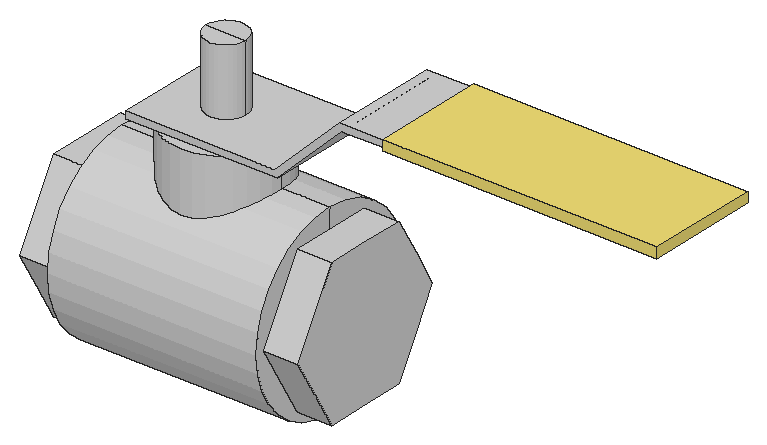
Revit family "xBall_Valve-Full_Port-WATTS-S-FBV-1_Series", category Pipe Accessories, Revit 2021
Family settings
  Round Connector Dimension = Use Diameter
  Part Type = Valve - Breaks Into
  OmniClass Number = 23.65.55.14
  OmniClass Title = Valves for Liquid Services
  Work Plane-Based = No
  Always vertical = Yes
  Cut with Voids When Loaded = No
  Shared = Yes
Parameters (values of type "S-FBV-1 3/4"")
  W2 = 1/4"
  W1 = 7/8"
  W = 1 3/8"
  Max. Working Pressure = "1000psi (69 bar) WOG non-shock; 125psi (8.6 bar) WSP"  # constant formula
  K1 - Stem Diameter = 3/8"
  J - Ball Orifice = Connection Diameter  # 3/4"
  Hex = 1 3/8"
  H - Radius to Handle = 4 1/2"
  Finish- Handle = Plastic-WATTS-Yellow
  E - Center to End = 1 5/16"
  Default Elevation = 0"
  Connection Diameter = 3/4"
  C4 - Stem Flat Height = 9/16"
  C3 - Mounting Pad to Stem Top = 1 1/8"
  C2 - Bottom of Stem Flat = 1 3/8"
  C1 - Stem Top = 2"
  Weight Lbs = "1.39"
  URL = "http://www.watts.com"
  Temperature Range = "0˚F - 400˚F (-18˚C – 204˚C)"  # constant formula
  Region = "North America"  # constant formula
  Product Page URL = "https://www.watts.com/products/plumbing-flow-control-solutions/shutoff-valves/ball-valves/s-fbv-1?qh=fbv-1"
  Product Documentation Link = "https://www.watts.com/dfsmedia/0533dbba17714b1ab581ab07a4cbb521/20474-source/es-s-fbv-1-pdf"
  Price = "Prices may vary. Please consult Manufacturer Representative for most up-to-date price list."  # constant formula
  Model = "S-FBV-1"  # constant formula
  Material = "Metal-WATTS-Stainless Steel"
  Manufacturer Product Line = "Ball Valves"  # constant formula
  Manufacturer = "WATTS"  # constant formula
  L - End to End = 2 5/8"
  Finish = Metal-WATTS-Stainless Steel
  Country = "United States"  # constant formula
  Description = "3/4 In 2-Piece Full Port StaInless Steel Ball Valve, NPT Threaded End Connection, Latch-Lok Handle"
  Creation Date = "3/5/25"  # constant formula
  C = 2"
  Assembly Code = "D2090900"
Types (10): name | W2 | W1 | W | K1 - Stem Diameter | J - Ball Orifice | Hex | H - Radius to Handle | E - Center to End | Connection Diameter | C4 - Stem Flat Height | C3 - Mounting Pad to Stem Top | C2 - Bottom of Stem Flat | C1 - Stem Top | Weight Lbs | L - End to End | Description | C
  S-FBV-1 1/4" | 3/16" | 1/2" | 1 1/8" | 5/16" | 1/4" | 1 1/8" | 3 15/16" | 1 1/16" | 1/4" | 9/16" | 7/8" | 1" | 1 9/16" | ".68" | 2 1/16" | "1/4 In 2-Piece Full Port StaInless Steel Ball Valve, NPT Threaded End Connection, Latch-Lok Handle" | 1 3/4"
  S-FBV-1 3/8" | 3/16" | 1/2" | 1 1/8" | 5/16" | 3/8" | 1 1/8" | 3 15/16" | 1 1/16" | 3/8" | 9/16" | 7/8" | 1" | 1 9/16" | ".68" | 2 1/16" | "3/8 In 2-Piece Full Port StaInless Steel Ball Valve, NPT Threaded End Connection, Latch-Lok Handle" | 1 3/4"
  S-FBV-1 1/2" | 1/4" | 1/2" | 1 1/8" | 3/8" | 1/2" | 1 1/8" | 4 1/2" | 1 3/16" | 1/2" | 9/16" | 1 1/8" | 1 3/16" | 1 3/4" | ".9" | 2 3/8" | "1/2 In 2-Piece Full Port StaInless Steel Ball Valve, NPT Threaded End Connection, Latch-Lok Handle" | 2"
  S-FBV-1 3/4" | 1/4" | 7/8" | 1 3/8" | 3/8" | 3/4" | 1 3/8" | 4 1/2" | 1 5/16" | 3/4" | 9/16" | 1 1/8" | 1 3/8" | 2" | "1.39" | 2 5/8" | "3/4 In 2-Piece Full Port StaInless Steel Ball Valve, NPT Threaded End Connection, Latch-Lok Handle" | 2"
  S-FBV-1 1" | 5/16" | 7/8" | 1 3/8" | 7/16" | 1" | 1 3/8" | 4 15/16" | 1 5/8" | 1" | 5/8" | 1 5/16" | 1 11/16" | 2 1/4" | "1.98" | 3 1/4" | "1 In 2-Piece Full Port StaInless Steel Ball Valve, NPT Threaded End Connection, Latch-Lok Handle" | 2 1/2"
  S-FBV-1 1-1/4" | 5/16" | 15/16" | 1 1/2" | 7/16" | 1 1/4" | 1 1/2" | 4 15/16" | 1 3/4" | 1 1/4" | 5/8" | 1 5/16" | 1 7/8" | 2 1/2" | "3.21" | 3 5/8" | "1-1/4 In 2-Piece Full Port StaInless Steel Ball Valve, NPT Threaded End Connection, Latch-Lok Handle" | 2 3/4"
  S-FBV-1 1-1/2" | 3/8" | 15/16" | 1 1/2" | 5/8" | 1 1/2" | 2 1/4" | 6 5/16" | 2 1/4" | 1 1/2" | 7/8" | 1 9/16" | 2 1/8" | 3" | "4.50" | 4 3/8" | "1-1/2 In 2-Piece Full Port StaInless Steel Ball Valve, NPT Threaded End Connection, Latch-Lok Handle" | 3 5/16"
  S-FBV-1 2" | 3/8" | 15/16" | 1 1/2" | 5/8" | 2" | 2 1/4" | 6 5/16" | 2 1/2" | 2" | 3/4" | 1 5/8" | 2 1/2" | 3 1/4" | "7.17" | 4 15/16" | "2 In 2-Piece Full Port StaInless Steel Ball Valve, NPT Threaded End Connection, Latch-Lok Handle" | 3 5/8"
  S-FBV-1 2-1/2" | 1/2" | 1 3/8" | 2 3/16" | 3/4" | 2 1/2" | 2 5/8" | 9 1/16" | 3 1/4" | 2 1/2" | 1 1/4" | 2 1/8" | 3 5/16" | 4 1/2" | "15.4" | 6 7/16" | "2-1/2 In 2-Piece Full Port StaInless Steel Ball Valve, NPT Threaded End Connection, Latch-Lok Handle" | 4 1/2"
  S-FBV-1 3" | 1/2" | 1 3/8" | 2 3/16" | 3/4" | 3" | 3 1/2" | 9 1/16" | 3 1/2" | 3" | 1 3/16" | 2 1/8" | 3 3/4" | 4 15/16" | "21.17" | 7 1/2" | "3 In 2-Piece Full Port StaInless Steel Ball Valve, NPT Threaded End Connection, Latch-Lok Handle" | 5"
Reference planes (in)
  plane 1 "Center (Front/Back)": y = 0
  plane 2: z = 0
  plane 3 "Center (Left/Right)": x = 0
  plane 4: x = -1.3125
  plane 5: x = 1.3125
  plane 6 "C Top": z = 2
  plane 7: x = -5.3125
  plane 8: z = 0.375
  plane 9: z = -0.375
  plane 10 "Center L/S": z = 0.875
  plane 11: z = 2
  plane 12: x = -0.875
  plane 13: x = 0.875
  plane 14: z = 0.6875
  plane 15: z = -0.6875
  plane 16: x = -0.98437
  plane 17: x = -1.09375
  plane 18: x = 0.98438
  plane 19: x = 1.09375
  plane 20: x = -0.1875
  plane 21: x = 0.1875
  plane 22: x = 4.5
  plane 23: z = 3.9375
  plane 24: z = 1.375
  plane 25: x = -0.53125
  plane 26: x = 0.53125
  plane 27: x = 1.6875
  plane 28: y = -0.6875
  plane 29: y = 0.6875
  plane 30: y = -0.34375
  plane 31: y = 0.34375
  plane 32: z = 1.25
  plane 33: through (0, 0, 0) normal (0, -0.866, 0.5)
  plane 34: through (0, 0, 0) normal (0, 0.866, 0.5)
  plane 35: y = 0.51562
  plane 36: y = -0.51563
  plane 37: y = 2
  plane 38: y = -2
  plane 39: y = 0.875
  plane 40: y = -0.875
Forms (in)
  Revolve 1, solid, material "Metal-WATTS-Stainless Steel"
    sketch origin (0, 0, 0) x (1, 0, 0) y (0, 0, 1)
      loop
        line (-1.3125, 0) -> (1.3125, 0) -> (1.3125, 0.6875) -> (0.98438, 0.6875) -> (0.98438, 0.875) -> (-0.98437, 0.875) -> (-0.98437, 0.6875) -> (-1.3125, 0.6875) -> (-1.3125, 0)
      axis (-1.3125, 0) -> (1.3125, 0)
    angle from 0 to 360
  Revolve 2, solid, material "Metal-WATTS-Stainless Steel"
    sketch origin (0, 0, 0) x (1, 0, 0) y (0, 0, 1)
      loop
        line (0, 0.6875) -> (0.53125, 0.6875) -> (0.53125, 1.25) -> (0.1875, 1.25) -> (0.1875, 2) -> (0, 2) -> (0, 0.6875)
      axis (0, 0.6875) -> (0, 2)
    angle from 0 to 360
  Sweep 3, solid, material "Metal-WATTS-Stainless Steel"
    path origin (0, 0, 0) x (1, 0, 0) y (0, 0, 1)
      loop
        line (-0.53125, 1.375) -> (0.875, 1.375) -> (1.48438, 1.98438) -> (1.90825, 1.98438)
    profile origin (0.17188, 0, 1.375) x (0, 0, 1) y (0, -1, 0)
      loop
        line (0, 0.51562) -> (-0.0625, 0.51562) -> (-0.0625, -0.51563) -> (0, -0.51563) -> (0, 0.51562)
  Sweep 4, solid, material "Plastic-WATTS-Yellow"
    path origin (0, 0, 0) x (1, 0, 0) y (0, 0, 1)
      loop
        line (1.90825, 2) -> (4.5, 2)
    profile origin (3.20412, 0, 2) x (0, 0, 1) y (0, -1, 0)
      loop
        line (0, 0.5349) -> (-0.09766, 0.5349) -> (-0.09766, -0.53509) -> (0, -0.53509) -> (0, 0.5349)
  Extrusion 5, solid, material "Metal-WATTS-Stainless Steel"
    sketch origin (0, 0, 0) x (0, 1, 0) y (0, 0, 1)
      loop
        line (0.79386, 0) -> (0.39693, 0.6875) -> (-0.39693, 0.6875) -> (-0.79386, 0) -> (-0.39693, -0.6875) -> (0.39693, -0.6875) -> (0.79386, 0)
    from -1.3125 to 1.3125
Cuts and joins
  joined: Revolve 1, Extrusion 5
Lines and regions (in)
  Masking region 1
    outline origin (0, 0, 0) x (1, 0, 0) y (0, 1, 0)
      loop
        line (-1.3125, 0.79386) -> (-1.3125, -0.79386) -> (-0.98437, -0.79386) -> (-0.98437, -0.875) -> (0.98438, -0.875) -> (0.98438, -0.79386) -> (1.3125, -0.79386) -> (1.3125, -0.51563) -> (4.5, -0.51563) -> (4.5, 0.51562) -> (1.3125, 0.51562) -> (1.3125, 0.79386) -> (0.98438, 0.79386) -> (0.98438, 0.875) -> (-0.98437, 0.875) -> (-0.98437, 0.79386) -> (-1.3125, 0.79386)
  symbolic lines, detail levels medium+fine
    curve 1: line (-0.98437, 0.79386, 0) -> (-0.98437, -0.79386, 0)
    curve 2: line (1.3125, 0.51562, 0) -> (-0.53125, 0.51562, 0)
    curve 3: line (-0.53125, -0.51563, 0) -> (1.3125, -0.51563, 0)
    curve 4: line (-0.53125, -0.51563, 0) -> (-0.53125, 0.51562, 0)
    curve 5: line (0.98438, 0.79386, 0) -> (0.98438, 0.51562, 0)
    curve 6: line (0.98438, -0.51563, 0) -> (0.98438, -0.79386, 0)
  symbolic lines, detail levels fine
    curve 7: circle (0, 0, 0) r 0.1875 normal (0, 0, 1)
    curve 8: line (1.90825, -0.51563, 0) -> (1.90825, 0.51562, 0)
Dimensions and locks (in)
  "C": plane 6 "C Top" to level
  "L - End to End": plane 5 to plane 4
  locked: plane 3 "Center (Left/Right)" to plane 7 at 5.3125
  plane 3 "Center (Left/Right)" to plane 5 = 1 5/16"
  "E - Center to End": plane 3 "Center (Left/Right)" to plane 4
  "Connection Diameter": plane 8 to plane 9
  equal spacing: plane 8, plane 2, plane 9
  "C3 - Mounting Pad to Stem Top": plane 6 "C Top" to plane 10 "Center L/S"
  "C1 - Stem Top": plane 11 to plane 2
  "W1": plane 3 "Center (Left/Right)" to plane 12
  "W1": plane 13 to plane 3 "Center (Left/Right)"
  "W": plane 14 to plane 15
  equal spacing: plane 14, plane 2, plane 15
  equal spacing: plane 12, plane 17, plane 4
  equal spacing: plane 12, plane 16, plane 17
  equal spacing: plane 13, plane 18, plane 19
  equal spacing: plane 13, plane 19, plane 5
  "K1 - Stem Diameter": plane 21 to plane 20
  equal spacing: plane 21, plane 3 "Center (Left/Right)", plane 20
  "H - Radius to Handle": plane 22 to plane 3 "Center (Left/Right)"
  equal spacing: plane 20, plane 25, plane 12
  equal spacing: plane 21, plane 26, plane 13
  "K1 - Stem Diameter": plane 5 to plane 27
  "W": plane 28 to plane 29
  equal spacing: plane 28, plane 1 "Center (Front/Back)", plane 29
  locked: plane 24 to Sweep 3 sketch curve at 0.0625
  locked: plane 24 to plane 32 at 0.125
  locked: Sweep 4 sketch curve to plane 27 at 0.22075
  locked: Sweep 4 sketch curve to Sweep 3 at 0.01928
  locked: Sweep 3 to Sweep 4 sketch curve at 0.01947
  locked: plane 6 "C Top" to Sweep 3 sketch curve at 0.01563
  locked: Sweep 4 sketch curve to Sweep 3 at 0.01953
  "Hex": Extrusion 5 sketch curve to Extrusion 5 sketch curve  (x3)
  equal spacing: Extrusion 5 sketch curve, plane 2, Extrusion 5 sketch curve
  equal spacing: Extrusion 5 sketch curve, plane 34, Extrusion 5 sketch curve
  "C2 - Bottom of Stem Flat": plane 24 to plane 2
  equal spacing: plane 28, plane 30, plane 1 "Center (Front/Back)"
  equal spacing: plane 1 "Center (Front/Back)", plane 31, plane 29
  equal spacing: plane 31, plane 35, plane 29
  equal spacing: plane 28, plane 36, plane 30
  plane 11 to plane 24 = 5/8"
  "C": plane 1 "Center (Front/Back)" to plane 37
  "C": plane 1 "Center (Front/Back)" to plane 38
  "C3 - Mounting Pad to Stem Top": plane 37 to plane 39
  "C3 - Mounting Pad to Stem Top": plane 38 to plane 40
  locked: Sweep 3 sketch curve to plane 27 at 0.22075
  locked: plane 23 to Sweep 3 sketch curve (angle 45.00°)
  aligned and locked: plane 4 to Revolve 1 sketch curve
  aligned and locked: Revolve 1 sketch curve to plane 14  (x2)
  aligned and locked: plane 16 to Revolve 1 sketch curve
  aligned and locked: Revolve 1 sketch curve to plane 10 "Center L/S"
  aligned and locked: Revolve 1 sketch curve to plane 18
  aligned and locked: plane 5 to Revolve 1 sketch curve
  aligned and locked: plane 3 "Center (Left/Right)" to Revolve 2 sketch curve  (x2)
  aligned and locked: Revolve 2 sketch curve to plane 11
  aligned and locked: Revolve 2 sketch curve to plane 21
  aligned and locked: plane 26 to Revolve 2 sketch curve
  aligned and locked: Sweep 3 sketch curve to plane 24
  aligned and locked: plane 32 to Revolve 2 sketch curve
  aligned and locked: plane 25 to Sweep 3 sketch curve
  aligned and locked: Sweep 4 sketch curve to plane 6 "C Top"  (x2)
  aligned and locked: Sweep 4 sketch curve to plane 22
  aligned and locked: Extrusion 5 to plane 4
  aligned and locked: Extrusion 5 to plane 5
  aligned and locked: plane 14 to Revolve 2 sketch curve
  aligned and locked: plane 36 to Sweep 3 sketch curve
  aligned and locked: plane 35 to Sweep 3 sketch curve
  aligned and locked: plane 13 to Sweep 3 sketch curve
  aligned and locked: Masking region 1 sketch curve to cut or joined group of Revolve 1, Extrusion 5  (x8)
  aligned and locked: cut or joined group of Revolve 1, Extrusion 5 to Masking region 1 sketch curve  (x3)
  aligned and locked: Sweep 3 to Masking region 1 sketch curve
  aligned and locked: Masking region 1 sketch curve to Sweep 3
  aligned and locked: Sweep 4 to Masking region 1 sketch curve
  aligned and locked: Masking region 1 sketch curve to plane 39
  aligned and locked: Masking region 1 sketch curve to plane 40
  aligned and locked: cut or joined group of Revolve 1, Extrusion 5 to curve 1
  aligned and locked: Sweep 3 to curve 2
  aligned and locked: curve 3 to Sweep 3
  aligned and locked: curve 4 to Sweep 3
  aligned and locked: plane 5 to curve 3
  aligned and locked: plane 5 to curve 2
  aligned and locked: curve 1 to Masking region 1
  aligned and locked: Masking region 1 to curve 1
  aligned and locked: cut or joined group of Revolve 1, Extrusion 5 to curve 5
  aligned and locked: cut or joined group of Revolve 1, Extrusion 5 to curve 6
  aligned and locked: Sweep 3 to curve 6
  aligned and locked: curve 6 to Masking region 1
  aligned and locked: Sweep 3 to curve 5
  aligned and locked: Masking region 1 to curve 5
  aligned and locked: curve 7 to Revolve 2
  aligned and locked: Sweep 4 to curve 8
  aligned and locked: Sweep 3 to curve 8  (x2)
Automatic sketch dimensions
  Extrusion 5 sketch curve to level = 0"
  Extrusion 5 sketch curve to plane 34 = 0"
  plane 15 to Revolve 2 sketch curve = 0.10566"
  plane 6 "C Top" to Revolve 2 sketch curve = 45/256"
  profile plane to Sweep 3 sketch curve = 0"
  Revolve 1 sketch curve to level = 0"  (x2)
  plane 7 to Revolve 1 sketch curve = 0.61603"
  plane 22 to Revolve 1 sketch curve = 1.0117"
Connectors (in)
  piping at (-1.3125, 0, 0), diameter 0.75, driven by "Connection Diameter"
    settings: on Revolve 1, index 1, connector inside diameter 24", connector length 0", flow factor 0, pipe flow 0 GPM, pressure drop 0.00 psi, fitting loss kfactor 0, connector angle 0.00°, fixture units 0, engagement length 0", angle of deflection 0.00°, flow configuration 0, flow direction 1, fitting loss method 0, system type 29, joint type 0, gender type 0, connector reference index 2, connector utility 0, adjustable connector no, is connector primary yes, connector description "Inlet Connection"
  piping at (1.3125, 0, 0), diameter 0.75, driven by "Connection Diameter"
    settings: on Revolve 1, index 2, connector inside diameter 24", connector length 0", flow factor 0, pipe flow 0 GPM, pressure drop 0.00 psi, fitting loss kfactor 0, connector angle 0.00°, fixture units 0, engagement length 0", angle of deflection 0.00°, flow configuration 0, flow direction 2, fitting loss method 0, system type 29, joint type 0, gender type 0, connector reference index 1, connector utility 0, adjustable connector no, is connector primary no, connector description "Outlet Connection"
